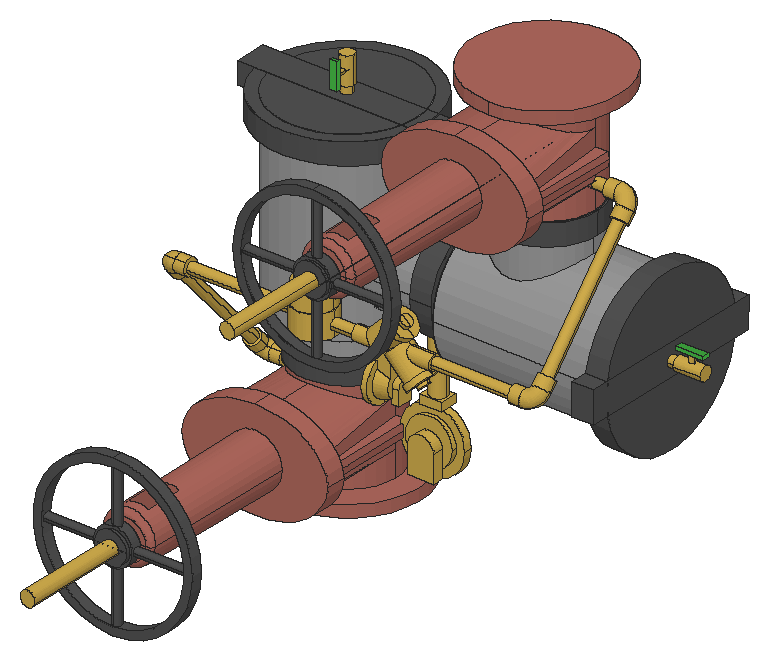
Revit family "Backflow_Preventer-RP-Zurn_Wilkins_Model_475STDAV_Flanged (4-10_inch)", category Pipe Accessories, Revit 2022
Family settings
  Round Connector Dimension = Use Radius
  Part Type = Valve - Breaks Into
  OmniClass Number = 23.65.55.14.21
  OmniClass Title = Non-Return Valves for Liquid Services
  Work Plane-Based = No
  Always vertical = Yes
  Cut with Voids When Loaded = No
  Shared = No
Parameters (values of type "8-475STDAV (8" 475STDAV)")
  Width = 1' - 0"
  URL = "www.zurn.com"
  Symbol = Symbolic diagram 475DAOSY_F : 8"
  Repair Parts URL = "https://files.zurn.com/repair-parts/475stda_475stdav_new_file.pdf"
  Relief valve = Zurn_Wilkins-Model-3707-CU-XL : 8"
  Rated Flow = 1600 GPM
  Product data URL = "https://www.bimobject.com/en/wilkins/product/zurn-475stdav"
  Product Weight (lbs) = 594
  Product Page URL = "https://www.zurn.com/products/water-control/backflow-preventers/475stdav"
  Product Installation Sheet URL = "https://files.zurn.com/care-cleaning-install-warranty-sheets/is475st-8.pdf"
  Product Documentation Link = "https://files.zurn.com/spec-sheets/bf-475stda.pdf"
  Pressure Loss at Rated Flow = 13.70 psi
  Nominal Radius = Nominal Diameter / 2  # 0' - 4"
  Nominal Diameter = 0' - 8"
  Modified Data = "12/10/2025"  # constant formula
  Model = "475STDAV"  # constant formula
  Max Working Water Temperature = 140 °F
  Max Working Water Pressure = 175.00 psi
  Manufacturer Brand = "Zurn Wilkins"  # constant formula
  Manufacturer = "Zurn Water, LLC"  # constant formula
  Main Valve = Zurn_Wilkins_Model_450ST-(4_Inch) : 8"
  Main Material = Paint - Zurn - Stainless steel
  Length = 2' - 0"
  Inlet to relief valve center = 0' - 8 15/32"
  Hydrostatic test pressure = 350.00 psi
  Height = 1' - 0"
  Gate Valve = Gate Valve_475_OSY : 8"
  Flow Rate (GPM) = 0 GPM
  Fitting Length = 2' - 6"
  Fitting Height = 1' - 4 1/2"
  Fitting Bottom end = 2' - 0"
  Description = "Reduced Pressure Detector Assembly"  # constant formula
  DIM E - Valve top to bottom of relief valve = 2' - 10 7/8"
  DIM D - Valve center to side coupling end = 1' - 0 7/8"
  DIM C - Valve center to gate stem top = 3' - 1"
  DIM B - Overall height of the valve = 3' - 4 1/4"
  Default Elevation = 0' - 0"
  Date Created = "12/10/2025"  # constant formula
  DIM A - Inlet center to outlet center = 1' - 6 1/2"
  DA MR Length = Fitting Length + 0' 5 1/2"  # 2' - 11 1/2"
  DA MR Height = 1' - 2"
  DA Length = 1' - 0"
  Center to top of ball on top = 1' - 3"
  Center to main valve center = 0' - 1 9/16"
  Center to end for fixing gate valve = 0' - 0"
  Center to bottom coupling = 0' - 9"
  Bottom Coupling to gate end = 0' - 10.85"
  Assembly Code = "D2020300"
Reference planes (in)
  plane 1 "Center (Front/Back)": y = 0
  plane 2: z = 0
  plane 3 "Center (Left/Right)": x = 0
  plane 4 "Left Side Plane": x = -12
  plane 5 "Right side Plane": x = 12
  plane 6 "Back Plane": y = 6
  plane 7 "Front Plane": y = -6
  plane 8 "Top Plane": z = 6
  plane 9 "Bottom Plane": z = -6
  plane 10: x = -9.25
  plane 11: x = 9.25
  plane 12: z = 15
  plane 13: z = -19.85
  plane 14: x = -0.78125
  plane 15: z = -15
  plane 16: y = 8.96875
  plane 17: y = -37
  plane 18: z = -9
  plane 19: y = -12.875
  plane 20: z = 20.4
  plane 21 "Body Base": z = -5.20312
  plane 22: z = 15.025
Dimensions and locks (in)
  equal spacing: plane 5 "Right side Plane", plane 3 "Center (Left/Right)", plane 4 "Left Side Plane"
  "Length": plane 5 "Right side Plane" to plane 4 "Left Side Plane"
  equal spacing: plane 8 "Top Plane", plane 2, plane 9 "Bottom Plane"
  "Height": plane 8 "Top Plane" to plane 9 "Bottom Plane"
  equal spacing: plane 7 "Front Plane", plane 1 "Center (Front/Back)", plane 6 "Back Plane"
  "Width": plane 7 "Front Plane" to plane 6 "Back Plane"
  equal spacing: plane 11, plane 3 "Center (Left/Right)", plane 10
  "DIM A - Inlet center to outlet center": plane 11 to plane 10
  "DIM C - Valve center to gate stem top": plane 17 to plane 1 "Center (Front/Back)"
  "Inlet to relief valve center": plane 10 to plane 14
  "Center to bottom coupling": plane 2 to plane 18
  "Center to top of ball on top": plane 12 to plane 2
  "DIM D - Valve center to side coupling end": plane 1 "Center (Front/Back)" to plane 19
  "DIM B - Overall height of the valve": plane 20 to plane 13
  "Bottom Coupling to gate end": plane 18 to plane 13
  "DIM E - Valve top to bottom of relief valve": plane 22 to plane 13
  aligned and locked: plane 2 to level
  aligned and locked: nested 1 to plane 10
  aligned and locked: nested 1 to plane 1 "Center (Front/Back)"
  aligned and locked: plane 14 to nested 2
  aligned and locked: nested 2 to plane 2
  aligned and locked: plane 1 "Center (Front/Back)" to nested 2
  aligned and locked: nested 3 to plane 1 "Center (Front/Back)"
  aligned and locked: nested 3 to plane 10
  aligned and locked: plane 3 "Center (Left/Right)" to nested 5
  aligned and locked: nested 5 to level
  aligned and locked: plane 19 to nested 5
  aligned and locked: plane 2 to nested 6
  aligned and locked: plane 3 "Center (Left/Right)" to nested 6
  aligned and locked: plane 1 "Center (Front/Back)" to nested 6
  aligned and locked: nested 4 to plane 11
  aligned and locked: plane 13 to nested 3
  aligned and locked: plane 20 to nested 4
  aligned and locked: plane 1 "Center (Front/Back)" to nested 4
  aligned and locked: plane 18 to nested 1
Nested families (in)
  nested 1: "Zurn_Wilkins_Model_450ST-(4_Inch)" at (-9.25, 0, -9), type <- "Main Valve", type "8"", detail levels fine
    with Product Install & Maintenance Sheet URL ""
  nested 2: "Zurn_Wilkins-Model-3707-CU-XL" at (0.23462, 8.2845, -13.875), type <- "Relief valve", type "8"", detail levels fine
  nested 3: "Gate Valve_475_OSY" at (-9.25, 0, -14.1) x (0, 0, 1) z (0, -1, 0), type <- "Gate Valve", type "8""
    with Housing Top Radius 0' - 2 3/8", Housing Bottom Radius 0' - 2 1/2", Horizontal Flange Thickness 0' - 1 13/16", Horizontal Flange Height 0' - 10 11/16", Cover Diameter 0' - 6 1/4", Body Radius 0' - 4 1/2", Body Diameter 0' - 9"
  nested 4: "Gate Valve_475_OSY" at (9.25, 0, 14.65) x (0, 0, -1) z (0, -1, 0), type <- "Gate Valve", type "8""
    with Housing Top Radius 0' - 2 3/8", Housing Bottom Radius 0' - 2 1/2", Horizontal Flange Thickness 0' - 1 13/16", Horizontal Flange Height 0' - 10 11/16", Cover Diameter 0' - 6 1/4", Body Radius 0' - 4 1/2", Body Diameter 0' - 9"
  nested 5: "475STDAV Bypass" at (2.01587, -18.39999, 0), DA length <- "Fitting Length", Pipe Fitting Bottom Width <- "Fitting Bottom end", Pipe fitting Height <- "Fitting Height", MR Height <- "DA MR Height", MR Length <- "DA MR Length", type "DA Bypass"
    with Pipe fitting length 2' - 10", Pipe fitting Height 1' - 4 1/2", Pipe Fitting Bottom Width 2' - 0", MR Length 2' - 11 1/2", MR Height 1' - 2", DA length 2' - 6"
  nested 6: "Symbolic diagram 475DAOSY_F" at (0, 0, 0), type <- "Symbol", type "8""
    with Product Install & Maintenance Sheet URL ""
Connectors (in)
  piping at (-9.25, 0, -19.85), diameter 8, driven by "Nominal Radius"
    settings: on nested 3, index 1, connector inside diameter 24", connector length 0' - 0", flow factor 0, pipe flow 0 GPM, pressure drop 0.00 psi, fitting loss kfactor 0, connector angle 0.00°, fixture units 0, engagement length 0' - 0", angle of deflection 0.00°, flow configuration 0, flow direction 1, fitting loss method 0, system type 29, joint type 0, gender type 0, connector reference index 2, connector utility 0, adjustable connector no, is connector primary yes, connector description "Inlet"
  piping at (9.25, 0, 20.4), diameter 8, driven by "Nominal Radius"
    settings: on nested 4, index 2, connector inside diameter 24", connector length 0' - 0", flow factor 0, pipe flow 0 GPM, pressure drop 0.00 psi, fitting loss kfactor 0, connector angle 0.00°, fixture units 0, engagement length 0' - 0", angle of deflection 0.00°, flow configuration 0, flow direction 2, fitting loss method 0, system type 29, joint type 0, gender type 0, connector reference index 1, connector utility 0, adjustable connector no, is connector primary no, connector description "Outlet"
Definition of nested family "Zurn_Wilkins_Model_450ST-(4_Inch)"
  Parameters (values of type "8"")
    zero = 0' - 0"
    bottom of blend length = 0' - 0 183/256"
    Width = 1' - 0"
    Weight = ""
    URL = "http://www.zurn.com/"
    Top of Ball Valve Center = 2' - 1 13/32"
    Standards Compliance = ""
    Specification Sheet URL = ""
    Side Body Length = 1' - 0"
    Side Body Height = 0' - 10"
    Side Body Diameter = 0' - 8 5/8"
    Right Side of Body Length = 1' - 3"
    Repair Parts URL = ""
    Rated Flow = 0 GPM
    Product Page URL = ""
    Product Install & Maintenance Sheet URL [instance] = ""
    Pressure Loss at Rated Flow = 0.00 psi
    Overall length = 1' - 8 1/2"
    Nominal Radius = 0' - 4"
    Nipple dia. = 0' - 1"
    Nipple Length = 0' - 0 23/32"
    Model = "450ST body"
    Max Working Water Temperature = 0 °F
    Max Working Water Pressure = 0.00 psi
    Manufacturer = "Zurn Wilkins"
    Loss Method = (empty or 0)
    Lg coupling width = 0' - 1 1/2"
    Lg coupling thickness = 0' - 2 29/32"
    Lg Coupling dia = Lg Coupling Radius * 2  # 1' - 3"
    Lg Coupling Radius = 0' - 7 1/2"
    Main Body Height = 1' - 8 13/16"
    Main Body Diameter = 1' - 0 3/4"
    Main Body Coupling Height = 0' - 2"
    Length = 2' - 0"
    Hydrostatic Test Pressure = 0.00 psi
    Height to Inlet = 0' - 9"
    Height = 1' - 0"
    Green Handle = 0' - 0.31842"
    Flow = ""
    Dim. A = 1' - 6 1/2"
    Dim to coupling = 0' - 9 5/8"
    Dim D = 0' - 8 31/32"
    Description = "450ST Double Check Valve Body"
    Default Elevation = 0' - 0"
    Coupling Radius = 0' - 4 25/32"
    Coupling Height = 0' - 2"
    Green Handle Width = 0' - 0.63283"
    Bottom coupling thickness = 0' - 2"
    Blend Width = 0' - 0 225/256"
    Ball Valve Length = 0' - 2 1/2"
    Ball Valve Handle Width = 0' - 6 1/2"
    Ball Valve Handle Height = 0' - 1 1/4"
    Ball Valve Handle Dia. = 0' - 0 1/2"
    Ball Valve Dia. = 0' - 1 1/4"
    4" Coupling dia = 0' - 9 1/2"
  Types (4): name | bottom of blend length | Side Body Length | Side Body Height | Side Body Diameter | Right Side of Body Length | Nominal Radius | Nipple Length | Lg coupling thickness | Lg Coupling dia | Lg Coupling Radius | Main Body Height | Main Body Diameter | Main Body Coupling Height | Height to Inlet | Dim. A | Dim to coupling | Dim D | Coupling Radius | Coupling Height | Bottom coupling thickness | Blend Width | Ball Valve Handle Width | 4" Coupling dia
    4 inch | 0' - 0 1/2" | 0' - 10" | 0' - 6" | 0' - 4 1/2" | 0' - 7 9/16" | 0' - 3 5/16" | 0' - 0 1/8" | 0' - 1 31/32" | 0' - 7 9/32" | 0' - 3 41/64" | 0' - 10 5/8" | 0' - 6 5/8" | 0' - 1 15/16" | 0' - 6" | 1' - 2" | 0' - 7 3/8" | 0' - 4 31/32" | 0' - 2 13/16" | 0' - 1 1/2" | 0' - 1 1/4" | 0' - 0 1/2" | 0' - 0 5/32" | 0' - 5 1/2"
    6" | 0' - 0 183/256" | 0' - 10" | 0' - 7 9/16" | 0' - 6 5/8" | 0' - 11 9/16" | 0' - 3" | 0' - 0 1/4" | 0' - 2 1/32" | 0' - 10 5/16" | 0' - 5 5/32" | 1' - 2 5/8" | 0' - 8 5/8" | 0' - 2" | 0' - 7 3/4" | 1' - 4" | 0' - 7 13/16" | 0' - 6 5/16" | 0' - 4 1/64" | 0' - 2" | 0' - 1 9/32" | 0' - 0 225/256" | 0' - 0 5/32" | 0' - 7 1/2"
    8" | 0' - 0 183/256" | 1' - 0" | 0' - 10" | 0' - 8 5/8" | 1' - 3" | 0' - 4" | 0' - 0 23/32" | 0' - 2 29/32" | 1' - 3" | 0' - 7 1/2" | 1' - 8 13/16" | 1' - 0 3/4" | 0' - 2" | 0' - 9" | 1' - 6 1/2" | 0' - 9 5/8" | 0' - 8 31/32" | 0' - 4 25/32" | 0' - 2" | 0' - 2" | 0' - 0 225/256" | 0' - 6 1/2" | 0' - 9 1/2"
    10" | 0' - 0 183/256" | 1' - 2" | 0' - 10" | 0' - 10 3/4" | 1' - 2" | 0' - 4 7/32" | 0' - 0 23/32" | 0' - 2 29/32" | 1' - 3" | 0' - 7 1/2" | 1' - 10 17/32" | 1' - 0 3/4" | 0' - 2 1/2" | 0' - 10" | 1' - 9" | 0' - 11 3/4" | 0' - 8 31/32" | 0' - 6 1/2" | 0' - 2" | 0' - 2" | 0' - 0 225/256" | 0' - 6 1/2" | 1' - 0 1/2"
  Reference planes (in)
    plane 1 "Center (Front/Back)": y = 0
    plane 2 "base": z = 0
    plane 3 "Center (Left/Right)": x = 0
    plane 4 "Left Side Plane": x = -12
    plane 5 "Right side Plane": x = 12
    plane 6 "Back Plane": y = 6
    plane 7 "Front Plane": y = -6
    plane 8: z = 6
    plane 9 "Bottom Plane": z = -6
    plane 10: x = 12
    plane 11: x = 13
    plane 12 "Dim A": x = 18.5
    plane 13 "Center of Side Body": z = 9
    plane 14: x = 28
    plane 15: z = 2
    plane 16: z = 18.8125
    plane 17: x = 30
    plane 18: x = 9.625
    plane 19: x = 11.625
    plane 20: z = 20.8125
    plane 21: z = 21.53125
    plane 22: x = 33.21875
    plane 23: y = 0
    plane 24: x = 33.90625
    plane 25: y = 0.31642
    plane 26: y = -0.31642
    plane 27: z = 10.25
    plane 28: z = 24.03125
    plane 29: z = 22.78125
    plane 30: x = 31.94908
    plane 31: y = -1.25
    plane 32: x = 0
    plane 33: z = 15.5
    plane 34: x = -0.31642
    plane 35: x = 0.31642
    plane 36: x = 30.71875
    plane 37: z = 10.56842
    plane 38: y = -1.56842
    plane 39: z = 2.71484
    plane 40: z = 3.59375
    plane 41: z = 0.96223
    plane 42: z = -1.03777
    plane 43: y = 4.3125
    plane 44: y = -4.3125
    plane 45: y = 4.78125
    plane 46: y = -4.78125
    plane 47: y = 6.375
    plane 48: y = -6.375
    plane 49: y = 4
    plane 50: y = -4
    plane 51: y = 0.625
    plane 52: y = -0.625
    plane 53: z = 1
    plane 54 "bottom": z = -1
    plane 55: y = 8.96875
    plane 56: y = -8.96875
    plane 57: z = 6.78215
    plane 58: z = 10.45312
    plane 59: z = 7.54687
    plane 60: y = 1.45312
    plane 61: y = -1.45313
    plane 62: x = -8.96875
    plane 63: x = 8.96875
    plane 64: y = 1.45312
    plane 65: y = -1.45313
    plane 66: x = -8.96875
    plane 67 "wewdwewe": z = 0
    plane 68: z = 18
    plane 69: z = 19
    plane 70: z = 17
  Forms (in)
    Extrusion 1, solid, detail levels fine
      sketch origin (0, 0, 0) x (1, 0, 0) y (0, 1, 0)
        loop
          circle (0, 0) r 4.3125
      from 0 to 9
    Extrusion 2, solid, detail levels fine
      sketch origin (0, 0, 0) x (1, 0, 0) y (0, 1, 0)
        loop
          circle (0, 0) r 6.375
      from 3.59375 to 20.8125
    Blend 3, solid, detail levels fine
      base sketch origin (0, 0, 0) x (1, 0, 0) y (0, 1, 0)
        loop
          circle (0, 0) r 4.3125
      top sketch origin (0, 0, 0) x (1, 0, 0) y (0, 1, 0)
        loop
          circle (0, 0) r 6.375
      from 2.71484 to 3.59375
    Extrusion 4, solid, detail levels fine
      sketch origin (0, 0, 0) x (1, 0, 0) y (0, 1, 0)
        loop
          circle (0, 0) r 7.5
      from 18.8125 to 20.8125
    Extrusion 5, solid, detail levels fine
      sketch origin (0, 0, 0) x (0, 1, 0) y (0, 0, 1)
        loop
          circle (0, 9) r 4.3125
      from 0 to 12
    Blend 6, solid, detail levels fine
      base sketch origin (0, 0, 0) x (0, 1, 0) y (0, 0, 1)
        loop
          circle (0, 9) r 4.3125
      top sketch origin (0, 0, 0) x (0, 1, 0) y (0, 0, 1)
        loop
          circle (0, 9) r 6.375
      from 12 to 13
    Extrusion 7, solid, detail levels fine
      sketch origin (0, 0, 0) x (1, 0, 0) y (0, 1, 0)
        loop
          circle (18.5, 0) r 4.3125
      from 18 to 9
    Extrusion 8, solid, detail levels fine
      sketch origin (0, 0, 0) x (0, 1, 0) y (0, 0, 1)
        loop
          circle (0, 9) r 6.375
      from 13 to 28
    Extrusion 9, solid, detail levels fine
      sketch origin (0, 0, 0) x (0, 1, 0) y (0, 0, 1)
        loop
          circle (0, 9) r 7.5
      from 30 to 28
    Extrusion 10, solid, detail levels fine
      sketch origin (0, 0, 0) x (0, 1, 0) y (0, 0, 1)
        loop
          circle (0, 9) r 4.78125
      from 9.625 to 11.625
    Extrusion 11, solid, detail levels fine
      sketch origin (0, 0, 0) x (1, 0, 0) y (0, 1, 0)
        loop
          circle (0, 0) r 0.5
      from 20.8125 to 21.53125
    Extrusion 12, solid, detail levels fine
      sketch origin (0, 0, 0) x (0, 1, 0) y (0, 0, 1)
        loop
          circle (0, 9) r 0.5
      from 30 to 30.71875
    Extrusion 13, solid, detail levels fine
      sketch origin (0, 0, 0) x (0, 1, 0) y (0, 0, 1)
        loop
          circle (0, 9) r 0.625
      from 30.71875 to 33.21875
    Extrusion 14, solid, detail levels fine
      sketch origin (10.98033, 0, 0) x (1, 0, 0) y (0, 1, 0)
        loop
          circle (20.96875, 0) r 0.25
      from 9 to 10.25
    Extrusion 15, solid, detail levels fine
      sketch origin (8.5, 0, 0) x (1, 0, 0) y (0, 1, 0)
        loop
          line (22.21875, 0.31642) -> (22.21875, -0.31642) -> (24.71875, -0.31642) -> (24.71875, 0.31642) -> (22.21875, 0.31642)
      from 10.25 to 10.56842
    Extrusion 16, solid, detail levels fine
      sketch origin (0, 0, 0) x (1, 0, 0) y (0, 1, 0)
        loop
          circle (0, 0) r 0.625
      from 21.53125 to 24.03125
    Extrusion 17, solid, detail levels fine
      sketch origin (0, 0, 0) x (1, 0, 0) y (0, 0, 1)
        loop
          circle (0, 22.78125) r 0.25
      from 0 to 1.25
    Extrusion 18, solid, detail levels fine
      sketch origin (0, 0, 0) x (1, 0, 0) y (0, 0, 1)
        loop
          line (-0.31642, 24.03125) -> (-0.31642, 21.53125) -> (0.31642, 21.53125) -> (0.31642, 24.03125) -> (-0.31642, 24.03125)
      from 1.25 to 1.56842
    Extrusion 19, solid, detail levels fine
      sketch origin (0, 0, 0) x (1, 0, 0) y (0, 1, 0)
        loop
          circle (0, 0) r 4.75
      from -1 to 1
    Extrusion 20, solid, detail levels fine
      sketch origin (0, 0, 0) x (0, 1, 0) y (0, 0, 1)
        loop
          line (-8.96875, 10.45312) -> (-8.96875, 7.54687) -> (8.96875, 7.54687) -> (8.96875, 10.45312) -> (-8.96875, 10.45312)
      from 30 to 28
    Extrusion 21, solid, detail levels fine
      sketch origin (0, 0, 0) x (1, 0, 0) y (0, 1, 0)
        loop
          line (-8.96875, 1.45312) -> (-8.96875, -1.45313) -> (8.96875, -1.45313) -> (8.96875, 1.45312) -> (-8.96875, 1.45312)
      from 18.8125 to 20.8125
    Extrusion 22, solid, detail levels fine
      sketch origin (0, 0, 0) x (1, 0, 0) y (0, 1, 0)
        loop
          circle (18.5, 0) r 4.75
      from 17 to 19
  Cuts and joins
    joined: Extrusion 19, Extrusion 22
  Lines and regions (in)
    Masking region 1, detail levels fine
      outline origin (0, 0, 0) x (1, 0, 0) y (0, 1, 0)
        loop
          arc (6.13615, 4.3125) -> (-1.55472, 7.33709) -> (-7.35788, 1.45312) r 7.5
          line (-7.35788, 1.45312) -> (-8.96875, 1.45312) -> (-8.96875, -1.45313) -> (-7.35788, -1.45313)
          arc (-7.35788, -1.45313) -> (-1.55472, -7.33709) -> (6.13615, -4.3125) r 7.5
          line (6.13615, -4.3125) -> (9.625, -4.3125) -> (9.625, -4.78125) -> (11.625, -4.78125) -> (11.625, -4.3125) -> (12, -4.3125) -> (13, -6.375) -> (28, -6.375) -> (28, -8.96875) -> (30, -8.96875) -> (30, -0.625) -> (33.21875, -0.625) -> (33.21875, 0.625) -> (30, 0.625) -> (30, 8.96875) -> (28, 8.96875) -> (28, 6.375) -> (13, 6.375) -> (12, 4.3125) -> (11.625, 4.3125) -> (11.625, 4.78125) -> (9.625, 4.78125) -> (9.625, 4.3125) -> (6.13615, 4.3125)
  Dimensions and locks (in)
    equal spacing: plane 5 "Right side Plane", plane 3 "Center (Left/Right)", plane 4 "Left Side Plane"
    "Length": plane 5 "Right side Plane" to plane 4 "Left Side Plane"
    equal spacing: plane 8, plane 2 "base", plane 9 "Bottom Plane"
    "Height": plane 8 to plane 9 "Bottom Plane"
    equal spacing: plane 7 "Front Plane", plane 1 "Center (Front/Back)", plane 6 "Back Plane"
    "Width": plane 7 "Front Plane" to plane 6 "Back Plane"
    "Side Body Length": plane 3 "Center (Left/Right)" to plane 10
    locked: plane 10 to plane 11 at 1
    "Dim. A": plane 3 "Center (Left/Right)" to plane 12 "Dim A"
    locked: Extrusion 7 sketch curve to plane 12 "Dim A"
    locked: Extrusion 7 sketch curve to plane 1 "Center (Front/Back)"
    "Height to Inlet": plane 13 "Center of Side Body" to plane 2 "base"
    "Right Side of Body Length": plane 14 to plane 11
    "Coupling Height": plane 15 to plane 2 "base"
    "Main Body Coupling Height": plane 17 to plane 14
    "Dim to coupling": plane 18 to plane 3 "Center (Left/Right)"
    "Coupling Height": plane 19 to plane 18
    "Main Body Height": plane 20 to plane 2 "base"
    "Main Body Coupling Height": plane 20 to plane 16
    "Nipple Length": plane 21 to plane 20
    Extrusion 12 sketch curve to plane 1 "Center (Front/Back)" = 0' - 0"
    "Ball Valve Length": plane 28 to plane 21
    equal spacing: plane 28, plane 29, plane 21, locked at 1.25 each
    plane 30 to plane 22 = 0' - 1.26967"
    locked: plane 30 to Extrusion 14 sketch curve
    locked: Extrusion 14 sketch curve to plane 1 "Center (Front/Back)"
    locked: Extrusion 17 sketch curve to plane 3 "Center (Left/Right)"
    locked: Extrusion 17 sketch curve to plane 29
    "Green Handle Width": plane 25 to plane 26
    "Green Handle Width": plane 35 to plane 34
    equal spacing: plane 35, plane 32, plane 34, locked at 0.31642 each
    "Height to Inlet": Extrusion 12 sketch curve to plane 2 "base"
    "Nipple Length": plane 17 to plane 36
    "Ball Valve Length": plane 36 to plane 22
    "Ball Valve Handle Height": plane 27 to plane 13 "Center of Side Body"
    "Green Handle": plane 37 to plane 27
    "Ball Valve Handle Height": plane 31 to plane 1 "Center (Front/Back)"
    "Green Handle": plane 31 to plane 38
    plane 17 to plane 3 "Center (Left/Right)" = 2' - 6"
    "bottom of blend length": plane 39 to plane 15
    "Blend Width": plane 40 to plane 39
    "Coupling Height": plane 41 to plane 42
    equal spacing: plane 44, plane 1 "Center (Front/Back)", plane 43
    "Coupling Radius": plane 46 to plane 1 "Center (Front/Back)" to plane 45
    equal spacing: plane 47, plane 1 "Center (Front/Back)", plane 48
    plane 50 to plane 1 "Center (Front/Back)" to plane 49 = 0' - 4" locked, 0' - 4" locked
    plane 51 to plane 1 "Center (Front/Back)" to plane 52 = 0' - 0 5/8" locked, 0' - 0 5/8" locked
    equal spacing: plane 53, level, plane 54 "bottom"
    "Bottom coupling thickness": plane 53 to plane 54 "bottom"
    equal spacing: plane 56, plane 1 "Center (Front/Back)", plane 55
    "Dim D": plane 1 "Center (Front/Back)" to plane 55
    equal spacing: plane 62, plane 3 "Center (Left/Right)", plane 63
    "Dim D": plane 3 "Center (Left/Right)" to plane 63
    equal spacing: plane 65, plane 1 "Center (Front/Back)", plane 64
    "Dim D": plane 66 to plane 3 "Center (Left/Right)"
    "Side Body Diameter": plane 44 to plane 43
    "Main Body Diameter": plane 47 to plane 48
    "Lg coupling thickness": plane 65 to plane 64
    equal spacing: plane 58, plane 13 "Center of Side Body", plane 59
    "Lg coupling thickness": plane 59 to plane 58
    equal spacing: plane 61, plane 1 "Center (Front/Back)", plane 60
    "Lg coupling thickness": plane 61 to plane 60
    "Height to Inlet": plane 68 to plane 13 "Center of Side Body"
    locked: plane 69 to plane 68 at 1
    "Coupling Height": plane 69 to plane 70
    "Main Body Diameter": diameter of Blend 3 sketch curve
    "Main Body Diameter": diameter of Extrusion 2 sketch curve
    "Lg Coupling Radius": radius of Extrusion 4 sketch curve
    "Side Body Diameter": diameter of Extrusion 5 sketch curve
    "Side Body Diameter": diameter of Blend 6 sketch curve
    "Main Body Diameter": diameter of Blend 6 sketch curve
    "Main Body Diameter": diameter of Extrusion 8 sketch curve
    "Lg Coupling Radius": radius of Extrusion 9 sketch curve
    "Coupling Radius": radius of Extrusion 10 sketch curve
    "Nipple dia.": diameter of Extrusion 11 sketch curve
    "Nipple dia.": diameter of Extrusion 12 sketch curve
    "Ball Valve Dia.": diameter of Extrusion 13 sketch curve
    "Ball Valve Dia.": diameter of Extrusion 16 sketch curve
    "Ball Valve Handle Dia.": diameter of Extrusion 17 sketch curve
    "Ball Valve Handle Dia.": diameter of Extrusion 14 sketch curve
    "Side Body Diameter": diameter of Extrusion 7 sketch curve
    "Side Body Diameter": diameter of Extrusion 1 sketch curve
    "Side Body Diameter": diameter of Blend 3 sketch curve
    "4" Coupling dia": diameter of Extrusion 19 sketch curve
    "Lg Coupling dia": diameter of Masking region 1 sketch curve  (x2)
    "4" Coupling dia": diameter of Extrusion 22 sketch curve
    aligned and locked: plane 2 "base" to level
    aligned and locked: Blend 3 to Extrusion 2
    aligned and locked: Extrusion 4 to Extrusion 2
    aligned and locked: Extrusion 5 to plane 3 "Center (Left/Right)"
    aligned and locked: Extrusion 5 to plane 10
    aligned and locked: Blend 6 to plane 11
    aligned and locked: Blend 6 to Extrusion 5
    aligned and locked: plane 13 "Center of Side Body" to Extrusion 7
    aligned and locked: plane 11 to Extrusion 8
    aligned and locked: plane 14 to Extrusion 8
    aligned and locked: plane 14 to Extrusion 9
    aligned and locked: Extrusion 9 to plane 17
    aligned and locked: Extrusion 10 to plane 18
    aligned and locked: plane 19 to Extrusion 10
    aligned and locked: Extrusion 4 to plane 20
    aligned and locked: plane 20 to Extrusion 11
    aligned and locked: Extrusion 11 to plane 21
    aligned and locked: Extrusion 7 to Extrusion 14
    aligned and locked: Extrusion 15 sketch curve to plane 25
    aligned and locked: Extrusion 15 sketch curve to plane 26
    aligned and locked: plane 21 to Extrusion 16
    aligned and locked: Extrusion 16 to plane 28
    aligned and locked: plane 23 to plane 1 "Center (Front/Back)"
    aligned and locked: Extrusion 17 to plane 31
    aligned and locked: plane 28 to Extrusion 18 sketch curve
    aligned and locked: Extrusion 18 sketch curve to plane 21
    aligned and locked: plane 34 to Extrusion 18 sketch curve
    aligned and locked: Extrusion 18 sketch curve to plane 35
    aligned and locked: plane 32 to plane 3 "Center (Left/Right)"
    aligned and locked: plane 16 to Extrusion 4
    aligned and locked: Extrusion 12 to plane 17
    aligned and locked: Extrusion 12 to plane 36
    aligned and locked: plane 36 to Extrusion 13
    aligned and locked: plane 22 to Extrusion 13
    aligned and locked: plane 27 to Extrusion 14
    aligned and locked: plane 36 to Extrusion 15
    aligned and locked: plane 22 to Extrusion 15
    aligned and locked: Extrusion 15 to plane 27
    aligned and locked: plane 37 to Extrusion 15
    aligned and locked: plane 31 to Extrusion 18
    aligned and locked: plane 38 to Extrusion 18
    aligned and locked: plane 13 "Center of Side Body" to Extrusion 1
    aligned and locked: Blend 3 to plane 39
    aligned and locked: plane 40 to Extrusion 2
    aligned and locked: Extrusion 1 to plane 2 "base"
    aligned and locked: plane 3 "Center (Left/Right)" to Masking region 1 sketch curve  (x2)
    aligned and locked: plane 1 "Center (Front/Back)" to Masking region 1 sketch curve  (x2)
    aligned and locked: Masking region 1 sketch curve to plane 14
    aligned and locked: plane 14 to Masking region 1 sketch curve
    aligned and locked: Masking region 1 sketch curve to plane 17
    aligned and locked: plane 17 to Masking region 1 sketch curve
    aligned and locked: plane 19 to Masking region 1 sketch curve
    aligned and locked: Masking region 1 sketch curve to plane 18
    aligned and locked: plane 18 to Masking region 1 sketch curve
    aligned and locked: Masking region 1 sketch curve to plane 19
    aligned and locked: plane 10 to Masking region 1 sketch curve  (x2)
    aligned and locked: plane 11 to Masking region 1 sketch curve  (x2)
    aligned and locked: Masking region 1 sketch curve to plane 43  (x2)
    aligned and locked: plane 44 to Masking region 1 sketch curve  (x3)
    aligned and locked: Masking region 1 sketch curve to plane 45
    aligned and locked: plane 46 to Masking region 1 sketch curve
    aligned and locked: plane 47 to Masking region 1 sketch curve
    aligned and locked: Masking region 1 sketch curve to plane 48
    aligned and locked: plane 43 to Masking region 1 sketch curve
    aligned and locked: plane 22 to Masking region 1 sketch curve
    aligned and locked: Masking region 1 sketch curve to plane 51
    aligned and locked: Masking region 1 sketch curve to plane 52
    aligned and locked: plane 3 "Center (Left/Right)" to Extrusion 19 sketch curve
    aligned and locked: plane 1 "Center (Front/Back)" to Extrusion 19 sketch curve
    aligned and locked: Extrusion 19 to plane 54 "bottom"
    aligned and locked: plane 53 to Extrusion 19
    aligned and locked: plane 58 to Extrusion 20 sketch curve
    aligned and locked: plane 59 to Extrusion 20 sketch curve
    aligned and locked: Extrusion 20 sketch curve to plane 55
    aligned and locked: Extrusion 20 sketch curve to plane 56
    aligned and locked: Extrusion 9 to Extrusion 20
    aligned and locked: Extrusion 20 to plane 14
    aligned and locked: plane 55 to Masking region 1 sketch curve
    aligned and locked: Masking region 1 sketch curve to plane 56
    aligned and locked: Extrusion 21 sketch curve to plane 61
    aligned and locked: plane 60 to Extrusion 21 sketch curve
    aligned and locked: plane 62 to Extrusion 21 sketch curve
    aligned and locked: plane 63 to Extrusion 21 sketch curve
    aligned and locked: Extrusion 21 to Extrusion 4
    aligned and locked: Extrusion 21 to Extrusion 2
    aligned and locked: Masking region 1 sketch curve to plane 64
    aligned and locked: Masking region 1 sketch curve to plane 66
    aligned and locked: Masking region 1 sketch curve to plane 65
    aligned and locked: plane 65 to Masking region 1 sketch curve
    aligned and locked: plane 1 "Center (Front/Back)" to Extrusion 8 sketch curve
    aligned and locked: plane 13 "Center of Side Body" to Extrusion 8 sketch curve
    aligned and locked: plane 1 "Center (Front/Back)" to Extrusion 5 sketch curve
    aligned and locked: plane 13 "Center of Side Body" to Extrusion 5 sketch curve
    aligned and locked: plane 1 "Center (Front/Back)" to Extrusion 10 sketch curve
    aligned and locked: plane 13 "Center of Side Body" to Extrusion 10 sketch curve
    aligned and locked: plane 1 "Center (Front/Back)" to Blend 6 sketch curve  (x2)
    aligned and locked: plane 13 "Center of Side Body" to Blend 6 sketch curve  (x2)
    aligned and locked: plane 1 "Center (Front/Back)" to Extrusion 9 sketch curve
    aligned and locked: plane 13 "Center of Side Body" to Extrusion 9 sketch curve
    aligned and locked: plane 1 "Center (Front/Back)" to Extrusion 2 sketch curve
    aligned and locked: plane 3 "Center (Left/Right)" to Extrusion 2 sketch curve
    aligned and locked: plane 3 "Center (Left/Right)" to Blend 3 sketch curve  (x2)
    aligned and locked: plane 1 "Center (Front/Back)" to Blend 3 sketch curve  (x2)
    aligned and locked: plane 3 "Center (Left/Right)" to Extrusion 1 sketch curve
    aligned and locked: plane 1 "Center (Front/Back)" to Extrusion 1 sketch curve
    aligned and locked: plane 3 "Center (Left/Right)" to Extrusion 4 sketch curve
    aligned and locked: plane 1 "Center (Front/Back)" to Extrusion 4 sketch curve
    aligned and locked: plane 1 "Center (Front/Back)" to Extrusion 11 sketch curve
    aligned and locked: plane 3 "Center (Left/Right)" to Extrusion 11 sketch curve
    aligned and locked: plane 3 "Center (Left/Right)" to Extrusion 16 sketch curve
    aligned and locked: plane 1 "Center (Front/Back)" to Extrusion 16 sketch curve
    aligned and locked: level to plane 67 "wewdwewe"
    aligned and locked: plane 1 "Center (Front/Back)" to Extrusion 13 sketch curve
    aligned and locked: plane 13 "Center of Side Body" to Extrusion 13 sketch curve
    aligned and locked: plane 68 to Extrusion 7
    aligned and locked: plane 12 "Dim A" to Extrusion 22 sketch curve
    aligned and locked: plane 1 "Center (Front/Back)" to Extrusion 22 sketch curve
    aligned and locked: plane 69 to cut or joined group of Extrusion 19, Extrusion 22
    aligned and locked: plane 70 to cut or joined group of Extrusion 19, Extrusion 22
  Automatic sketch dimensions
    Extrusion 15 sketch curve to plane 36 = 0' - 0"
    plane 22 to Extrusion 15 sketch curve = 0' - 0"
Definition of nested family "Zurn_Wilkins-Model-3707-CU-XL"
  Parameters (values of type "8"")
    Valve position = 1' - 6 5/16"
    Weight = "5 lbs."
    Valve center to relief valve bottom = 1' - 4 7/8"
    Test Cock Position = 0' - 6 1/4"
    Pipe Sweep Length = 1' - 2 11/32"
    Top Pipe Position = 0' - 11 31/32"
    Pipe2 Position = 0' - 10 7/8"
    Pipe1 Position = 0' - 5 15/32"
    Model = "3707-CU-XL"
    Loss Method = (empty or 0)
    Left Pipe Length = 0' - 6"
    Flange Thickness = 0' - 1 1/4"
    Flange Radius = Pipe Size + 0' 1"  # 0' - 3"
    Right Flange Radius = 0' - 4 1/32"
    Right Flange Positon = 0' - 6 3/32"
    Right Body Position = 0' - 4 1/2"
    Description = "Relief Valve"
    Default Elevation = 0' - 0"
    Center Plane Left = 0' - 8 31/32"
    Center Plan Right = 0' - 8 15/16"
    Valve connection Position = 0' - 1"
    Right Body Radius = 0' - 4 1/4"
    Assembly Code = ""
    Pipe Size = 0' - 2"
    Larger Radius = Body Radius * 1.6  # 0' - 2.4"
    Body Radius = (Pipe Size / 2) + 0' 0 1/2"  # 0' - 1 1/2"
    Right Body Length = 1' - 1 77/256"
  Types (4): name | Valve center to relief valve bottom
    10 | 1' - 5"
    8" | 1' - 4 7/8"
    6" | 1' - 0 9/16"
    4" | 0' - 11 1/8"
  Reference planes (in)
    plane 1 "Center (Front/Back)": y = -8.2845
    plane 2: z = 0
    plane 3: y = -5.8845
    plane 4: y = -10.6845
    plane 5: x = 8.14038
    plane 6: x = -10.17212
    plane 7: x = -1.01587
    plane 8 "Back Plane": y = 0.59737
    plane 9: through (6.67018, -180, 20.32559) normal (0.7071, 0, -0.7071)
    plane 10: through (17.19592, -180, 18.2118) normal (0.7071, 0, -0.7071)
    plane 11: through (3.83807, -180, 7.82979) normal (0.7071, 0, 0.7071)
    plane 12: through (-7.61286, -180, 6.59699) normal (0.7071, 0, 0.7071)
    plane 13: z = -1
    plane 14: y = -7.847
    plane 15: y = -6.67512
    plane 16: y = -8.98848
    plane 17: y = -9.37069
    plane 18: y = -10.35695
    plane 19: y = -7.47808
    plane 20: y = -9.20892
    plane 21: z = 3.53175
    plane 22: z = 13.875
    plane 23: z = -2.67624
    plane 24: z = -3
  Forms (in)
    Extrusion 1, solid, detail levels fine
      sketch origin (0.26238, -8.2845, -4.27255) x (1, 0, 0) y (0, 0, 1)
        loop
          line (-2.27826, 7.8043) -> (-2.27826, 7.0438) -> (-0.27826, 7.0438) -> (-0.27826, 7.8043) -> (-2.27826, 7.8043)
      from -0.80642 to 0.92443
    Extrusion 2, solid, detail levels fine
      sketch origin (-0.00029, -8.2845, -0.00089) x (1, 0, 0) y (0, 0, 1)
        loop
          arc (0.18655, -0.22415) -> (-1.01558, 0.97798) -> (-2.21771, -0.22415) r 1.20213
          line (-2.21771, -0.22415) -> (-2.21771, -2.67535) -> (0.18655, -2.67535) -> (0.18655, -0.22415)
      from 1.08619 to 2.07246
    Extrusion 3, solid, detail levels fine
      sketch origin (-0.00029, -8.2845, -0.00089) x (1, 0, 0) y (0, 0, 1)
        loop
          circle (-1.01558, 0.00089) r 3
      from 0 to 0.70398
    Extrusion 4, solid, detail levels fine
      sketch origin (-0.00029, -8.2845, -0.00089) x (1, 0, 0) y (0, 0, 1)
        loop
          circle (-1.01558, 0.00089) r 2.18
      from 0.70398 to 1.08619
    Extrusion 5, solid, detail levels fine
      sketch origin (0.347, 0.59737, 0.06309) x (-1, 0, 0) y (0, 0, 1)
        loop
          circle (1.36287, -0.06309) r 2.25
      from -8.88186 to -8.44436
    Extrusion 6, solid, detail levels fine
      sketch origin (0.347, 0.59737, 0.06309) x (-1, 0, 0) y (0, 0, 1)
        loop
          circle (1.36287, -0.06309) r 1.0625
      from -8.44436 to -7.27249
    Extrusion 7, solid, detail levels fine
      sketch origin (0, 0, 0) x (1, 0, 0) y (0, 1, 0)
        loop
          circle (-1.01587, -8.2845) r 0.75
      from 3.53175 to 13.875
  Dimensions and locks (in)
    "Larger Radius": plane 3 to plane 1 "Center (Front/Back)"
    "Larger Radius": plane 4 to plane 1 "Center (Front/Back)"
    equal spacing: plane 5, plane 7, plane 6
    "Valve position": plane 5 to plane 6
    "Center Plan Right": plane 10 to plane 9
    "Center Plane Left": plane 11 to plane 12
    "Valve connection Position": level to plane 13
    locked: plane 8 "Back Plane" to plane 1 "Center (Front/Back)" at 8.88186
    locked: Extrusion 1 sketch curve to Extrusion 1 sketch curve at 0.7605
    locked: Extrusion 2 sketch curve to Extrusion 2 sketch curve at 2.40425
    locked: Extrusion 1 to Extrusion 2 sketch curve at 5.44749
    locked: plane 7 to Extrusion 3 sketch curve at 0
    locked: plane 2 to Extrusion 3 sketch curve
    locked: plane 7 to Extrusion 4 sketch curve at 0
    locked: plane 2 to Extrusion 4 sketch curve
    locked: plane 7 to Extrusion 2 sketch curve
    plane 7 to Extrusion 1 sketch curve = 0' - 1"  (x2)
    locked: plane 7 to Extrusion 5 sketch curve at 0
    locked: Extrusion 5 sketch curve to plane 2
    locked: plane 14 to plane 1 "Center (Front/Back)" at 0.4375
    locked: Extrusion 6 sketch curve to plane 7 at 0
    locked: Extrusion 6 sketch curve to plane 2 at 0
    locked: plane 15 to plane 14 at 1.17188
    plane 1 "Center (Front/Back)" to plane 16 = 0' - 0.70398"
    locked: plane 16 to plane 17 at 0.38221
    locked: plane 17 to plane 18 at 0.98626
    locked: plane 19 to plane 20 at 1.73084
    locked: plane 2 to plane 21 at 3.53175
    locked: plane 2 to Extrusion 2 sketch curve at 0.22504
    locked: level to plane 23 at 2.67624
    locked: level to plane 24 at 3
    "Valve center to relief valve bottom": plane 22 to plane 24
    radius of Extrusion 4 sketch curve = 0' - 2.18"
    radius of Extrusion 2 sketch curve = 0' - 1.20213"
    radius of Extrusion 5 sketch curve = 0' - 2 1/4"
    radius of Extrusion 6 sketch curve = 0' - 1 1/16"
    diameter of Extrusion 7 sketch curve = 0' - 1 1/2"
    aligned and locked: Extrusion 4 to Extrusion 3
    aligned and locked: Extrusion 2 to Extrusion 4
    aligned and locked: plane 1 "Center (Front/Back)" to Extrusion 5
    aligned and locked: plane 14 to Extrusion 5
    aligned and locked: plane 14 to Extrusion 6
    aligned and locked: plane 15 to Extrusion 6
    aligned and locked: plane 16 to Extrusion 3
    aligned and locked: plane 17 to Extrusion 4
    aligned and locked: plane 18 to Extrusion 2
    aligned and locked: plane 19 to Extrusion 1
    aligned and locked: plane 20 to Extrusion 1
    aligned and locked: plane 21 to Extrusion 1
    aligned and locked: plane 7 to Extrusion 7 sketch curve
    aligned and locked: plane 1 "Center (Front/Back)" to Extrusion 7 sketch curve
    aligned and locked: Extrusion 7 to Extrusion 1
    aligned and locked: Extrusion 7 to plane 22
  Automatic sketch dimensions
    Extrusion 1 sketch curve to plane 21 = 0' - 0"
    radius of Extrusion 3 sketch curve = 0' - 3"
Definition of nested family "Gate Valve_475_OSY"
  Parameters (values of type "8"")
    URL = "http://www.zurn.com/operations/wilkins/pdfs/specsheets/GV-48WILKINS.pdf"
    Symbol Width = 0.5 * Body Length * tan(30.00°)  # 0' - 3.31976"
    Spoke Width = Hand Wheel Radius - 0' 0 3/4"  # 0' - 6 5/8"
    Screw dia = 0' - 0 11/16"
    Pipe Size = 0' - 8"
    Pipe Radius = 0' - 4"
    Open Height = 3' - 1"
    OSY = yes
    Model = "48"
    Masking Length = 1' - 8"
    Manufacturer = "Zurn Wilkins"
    Loss Method = (empty or 0)
    Housing Top Radius [instance] = Housing Bottom Radius - 0' 0 1/8"  # 0' - 2 3/8"
    Housing Bottom Radius [instance] = if(Hand Wheel Diameter > 0' 11", 0' 2 1/2", 0' 1 13/16")  # 0' - 2 1/2"
    Horizontal Flange Thickness [instance] = ((Flange Thickness * 0.75) * 2) + 0' 0 1/8"  # 0' - 1 13/16"
    Horizontal Flange Height [instance] = (Flange Diameter / 2) + ((Flange Thickness * 2) * 1.75)  # 0' - 10 11/16"
    Handle Height = 0' - 1.59777"
    Hand Wheel Height = Open Height / 2  # 1' - 6 1/2"
    Hand Wheel Radius = Hand Wheel Diameter / 2  # 0' - 7 3/8"
    Hand Wheel Diameter = 1' - 2 3/4"
    Flange Thickness = 0' - 1 1/8"
    Flange Radius = Flange Diameter / 2  # 0' - 6 3/4"
    Flange Diameter = 1' - 1 1/2"
    Description = "Gate Valve"
    Default Elevation = 0' - 0"
    Cover Diameter [instance] = (Flange Diameter / 2) - 0' 0 1/2"  # 0' - 6 1/4"
    Closed Height = 2' - 4 1/2"
    Body Radius [instance] = (Pipe Size / 2) + 0' 0 1/2"  # 0' - 4 1/2"
    Body Length = 0' - 11 1/2"
    Body Diameter [instance] = Body Radius * 2  # 0' - 9"
    Ball Valve Radius = 0' - 1"
    Ball Valve Length = 0' - 11"
    Assembly Code = "D2090800"
  Types (4): name | Symbol Width | Spoke Width | Pipe Size | Pipe Radius | Open Height | Masking Length | Housing Top Radius | Housing Bottom Radius | Horizontal Flange Thickness | Horizontal Flange Height | Hand Wheel Height | Hand Wheel Radius | Hand Wheel Diameter | Flange Thickness | Flange Radius | Flange Diameter | Cover Diameter | Closed Height | Body Radius | Body Length | Body Diameter | Ball Valve Length
    10" | 0' - 3.75278" | 0' - 7 7/16" | 0' - 10" | 0' - 5" | 3' - 9 5/8" | 1' - 8" | 0' - 2 3/8" | 0' - 2 1/2" | 0' - 1 29/32" | 1' - 0 5/32" | 1' - 10 13/16" | 0' - 8 3/16" | 1' - 4 3/8" | 0' - 1 3/16" | 0' - 8" | 1' - 4" | 0' - 7 1/2" | 2' - 10 3/4" | 0' - 5 1/2" | 1' - 1" | 0' - 11" | 1' - 0"
    8" | 0' - 3.31976" | 0' - 6 5/8" | 0' - 8" | 0' - 4" | 3' - 1" | 1' - 8" | 0' - 2 3/8" | 0' - 2 1/2" | 0' - 1 13/16" | 0' - 10 11/16" | 1' - 6 1/2" | 0' - 7 3/8" | 1' - 2 3/4" | 0' - 1 1/8" | 0' - 6 3/4" | 1' - 1 1/2" | 0' - 6 1/4" | 2' - 4 1/2" | 0' - 4 1/2" | 0' - 11 1/2" | 0' - 9" | 0' - 11"
    6" | 0' - 3.03109" | 0' - 5 1/2" | 0' - 6" | 0' - 3" | 2' - 6 1/2" | 1' - 0 1/2" | 0' - 2 3/8" | 0' - 2 1/2" | 0' - 1 5/8" | 0' - 9" | 1' - 3 1/4" | 0' - 6 1/4" | 1' - 0 1/2" | 0' - 1" | 0' - 5 1/2" | 0' - 11" | 0' - 5" | 2' - 0 1/4" | 0' - 3 1/2" | 0' - 10 1/2" | 0' - 7" | 0' - 10"
    4" | 0' - 2.59808" | 0' - 4 3/8" | 0' - 4" | 0' - 2" | 1' - 10 1/2" | 0' - 10 1/2" | 0' - 1 11/16" | 0' - 1 13/16" | 0' - 1 17/32" | 0' - 7 25/32" | 0' - 11 1/4" | 0' - 5 1/8" | 0' - 10 1/4" | 0' - 0 15/16" | 0' - 4 1/2" | 0' - 9" | 0' - 4" | 1' - 6 1/4" | 0' - 2 1/2" | 0' - 9" | 0' - 5" | 0' - 8"
  Reference planes (in)
    plane 1 "Center (Front/Back)": y = 0
    plane 2: z = 0
    plane 3 "Center (Left/Right)": x = 0
    plane 4 "Left": x = -5.75
    plane 5 "Right": x = 5.75
    plane 6: z = 37
    plane 7 "Flange Left": x = -4.625
    plane 8 "Flange Right": x = 4.625
    plane 9 "Horizontal Flange": z = 10.6875
    plane 10 "Tap Left": x = -3.375
    plane 11 "Tap Right": x = 3.375
    plane 12 "Horizontal Flange Bottom": z = 8.875
    plane 13: y = 6.75
    plane 14: y = -6.75
    plane 15: z = 13
    plane 16: y = 5.75
    plane 17: y = -5.75
    plane 18: x = -3.625
    plane 19: x = 3.625
    plane 20: y = 5.25
    plane 21: y = -5.25
    plane 22: x = -3.125
    plane 23: x = 3.125
    plane 24: y = 3.125
    plane 25: y = -3.125
    plane 26: y = 2.375
    plane 27: y = -2.375
    plane 28: y = 4.5
    plane 29: y = -4.5
    plane 30: z = 6.75
    plane 31: y = 4.75
    plane 32: y = -4.75
    plane 33: x = 6.875
    plane 34: x = -6.875
    plane 35: y = 3.31976
    plane 36: y = -3.31976
    plane 37: z = 26.625
    plane 38: z = 25.625
    plane 39: z = 24.25
    plane 40: z = 20.625
    plane 41: z = -1.875
    plane 42: y = -11
    plane 43: z = -1
    plane 44: y = 10
    plane 45: y = -10
  Forms (in)
    Extrusion 1, solid, detail levels fine
      sketch origin (0, 0, 0) x (0, 1, 0) y (0, 0, 1)
        loop
          circle (0, 0) r 4.5
      from -4.625 to 4.625
    Extrusion 2, solid, detail levels fine
      sketch origin (-4.625, 0, 0) x (0, 0, 1) y (0, -1, 0)
        loop
          circle (0, 0) r 6.75
      from 0 to -1.125
    Extrusion 3, solid, detail levels fine
      sketch origin (4.25, 0, 0) x (0, 0, 1) y (0, -1, 0)
        loop
          circle (0, 0) r 4.5
      from 0.375 to 1.5
    Extrusion 4, solid, detail levels fine
      sketch origin (0, 0, 10.6875) x (-1, 0, 0) y (0, -1, 0)
        loop
          spline (0, -6.75) -> (0.60368, -6.69225) -> (1.19704, -6.52) -> (1.76991, -6.23619) -> (2.3125, -5.84567) -> (2.81552, -5.35514) -> (3.27037, -4.77297) -> (3.66926, -4.10914) -> (4.00537, -3.375) -> (4.27294, -2.58311) -> (4.46741, -1.74703) -> (4.58543, -0.88105) -> (4.625, 0)
          spline (4.625, 0) -> (4.58543, 0.88105) -> (4.46741, 1.74703) -> (4.27294, 2.58311) -> (4.00537, 3.375) -> (3.66926, 4.10914) -> (3.27037, 4.77297) -> (2.81552, 5.35514) -> (2.3125, 5.84567) -> (1.76991, 6.23619) -> (1.19704, 6.52) -> (0.60368, 6.69225) -> (0, 6.75)
          spline (0, 6.75) -> (-0.60368, 6.69225) -> (-1.19704, 6.52) -> (-1.76991, 6.23619) -> (-2.3125, 5.84567) -> (-2.81552, 5.35514) -> (-3.27037, 4.77297) -> (-3.66926, 4.10914) -> (-4.00537, 3.375) -> (-4.27294, 2.58311) -> (-4.46741, 1.74703) -> (-4.58543, 0.88105) -> (-4.625, 0)
          spline (-4.625, 0) -> (-4.58543, -0.88105) -> (-4.46741, -1.74703) -> (-4.27294, -2.58311) -> (-4.00537, -3.375) -> (-3.66926, -4.10914) -> (-3.27037, -4.77297) -> (-2.81552, -5.35514) -> (-2.3125, -5.84567) -> (-1.76991, -6.23619) -> (-1.19704, -6.52) -> (-0.60368, -6.69225) -> (0, -6.75)
      from -1.8125 to 0
    Blend 5, solid, detail levels fine
      base sketch origin (0, 0, 0) x (1, 0, 0) y (0, 1, 0)
        loop
          line (0.625, 4.5) -> (0.625, 5.66601)
          spline (0.625, 5.66601) -> (0.57336, 5.67939) -> (0.52161, 5.69163) -> (0.46975, 5.7027) -> (0.4178, 5.71262) -> (0.36576, 5.72137) -> (0.31365, 5.72896) -> (0.26147, 5.73539) -> (0.20924, 5.74065) -> (0.15697, 5.74474) -> (0.10466, 5.74766) -> (0.05234, 5.74942) -> (0, 5.75)
          spline (0, 5.75) -> (-0.05234, 5.74942) -> (-0.10466, 5.74766) -> (-0.15697, 5.74474) -> (-0.20924, 5.74065) -> (-0.26147, 5.73539) -> (-0.31365, 5.72896) -> (-0.36576, 5.72137) -> (-0.4178, 5.71262) -> (-0.46975, 5.7027) -> (-0.52161, 5.69163) -> (-0.57336, 5.67939) -> (-0.625, 5.66601)
          line (-0.625, 5.66601) -> (-0.625, 4.5) -> (-2.25661, 4.5)
          spline (-2.25661, 4.5) -> (-2.46259, 4.21952) -> (-2.65475, 3.91537) -> (-2.83202, 3.58927) -> (-2.99342, 3.24304) -> (-3.13802, 2.87862) -> (-3.26503, 2.49806) -> (-3.37373, 2.10349) -> (-3.46351, 1.69713) -> (-3.53386, 1.28124) -> (-3.5844, 0.85818) -> (-3.61484, 0.43029) -> (-3.625, 0)
          spline (-3.625, 0) -> (-3.61484, -0.43029) -> (-3.5844, -0.85818) -> (-3.53386, -1.28124) -> (-3.46351, -1.69713) -> (-3.37373, -2.10349) -> (-3.26503, -2.49806) -> (-3.13802, -2.87862) -> (-2.99342, -3.24304) -> (-2.83202, -3.58927) -> (-2.65475, -3.91537) -> (-2.46259, -4.21952) -> (-2.25661, -4.5)
          line (-2.25661, -4.5) -> (-0.625, -4.5) -> (-0.625, -5.66601)
          spline (-0.625, -5.66601) -> (-0.57336, -5.67939) -> (-0.52161, -5.69163) -> (-0.46975, -5.7027) -> (-0.4178, -5.71262) -> (-0.36576, -5.72137) -> (-0.31365, -5.72896) -> (-0.26147, -5.73539) -> (-0.20924, -5.74065) -> (-0.15697, -5.74474) -> (-0.10466, -5.74766) -> (-0.05234, -5.74942) -> (0, -5.75)
          spline (0, -5.75) -> (0.05234, -5.74942) -> (0.10466, -5.74766) -> (0.15697, -5.74474) -> (0.20924, -5.74065) -> (0.26147, -5.73539) -> (0.31365, -5.72896) -> (0.36576, -5.72137) -> (0.4178, -5.71262) -> (0.46975, -5.7027) -> (0.52161, -5.69163) -> (0.57336, -5.67939) -> (0.625, -5.66601)
          line (0.625, -5.66601) -> (0.625, -4.5) -> (2.25661, -4.5)
          spline (2.25661, -4.5) -> (2.46259, -4.21952) -> (2.65475, -3.91537) -> (2.83202, -3.58927) -> (2.99342, -3.24304) -> (3.13802, -2.87862) -> (3.26503, -2.49806) -> (3.37373, -2.10349) -> (3.46351, -1.69713) -> (3.53386, -1.28124) -> (3.5844, -0.85818) -> (3.61484, -0.43029) -> (3.625, 0)
          spline (3.625, 0) -> (3.61484, 0.43029) -> (3.5844, 0.85818) -> (3.53386, 1.28124) -> (3.46351, 1.69713) -> (3.37373, 2.10349) -> (3.26503, 2.49806) -> (3.13802, 2.87862) -> (2.99342, 3.24304) -> (2.83202, 3.58927) -> (2.65475, 3.91537) -> (2.46259, 4.21952) -> (2.25661, 4.5)
          line (2.25661, 4.5) -> (0.625, 4.5)
      top sketch origin (0, 0, 0) x (1, 0, 0) y (0, 1, 0)
        loop
          line (0.625, 5.25) -> (0.625, 5.66601)
          spline (0.625, 5.66601) -> (0.57336, 5.67939) -> (0.52161, 5.69163) -> (0.46975, 5.7027) -> (0.4178, 5.71262) -> (0.36576, 5.72137) -> (0.31365, 5.72896) -> (0.26147, 5.73539) -> (0.20924, 5.74065) -> (0.15697, 5.74474) -> (0.10466, 5.74766) -> (0.05234, 5.74942) -> (0, 5.75)
          spline (0, 5.75) -> (-0.05234, 5.74942) -> (-0.10466, 5.74766) -> (-0.15697, 5.74474) -> (-0.20924, 5.74065) -> (-0.26147, 5.73539) -> (-0.31365, 5.72896) -> (-0.36576, 5.72137) -> (-0.4178, 5.71262) -> (-0.46975, 5.7027) -> (-0.52161, 5.69163) -> (-0.57336, 5.67939) -> (-0.625, 5.66601)
          line (-0.625, 5.66601) -> (-0.625, 5.25) -> (-1.4785, 5.25)
          spline (-1.4785, 5.25) -> (-1.7886, 5.00134) -> (-2.08226, 4.70673) -> (-2.3568, 4.36888) -> (-2.60967, 3.99089) -> (-2.83858, 3.57622) -> (-3.0414, 3.1287) -> (-3.21627, 2.65244) -> (-3.3616, 2.1518) -> (-3.47604, 1.63139) -> (-3.55854, 1.09599) -> (-3.60835, 0.55053) -> (-3.625, 0)
          spline (-3.625, 0) -> (-3.60835, -0.55053) -> (-3.55854, -1.09599) -> (-3.47604, -1.63139) -> (-3.3616, -2.1518) -> (-3.21627, -2.65244) -> (-3.0414, -3.1287) -> (-2.83858, -3.57622) -> (-2.60967, -3.99089) -> (-2.3568, -4.36888) -> (-2.08226, -4.70673) -> (-1.7886, -5.00134) -> (-1.4785, -5.25)
          line (-1.4785, -5.25) -> (-0.625, -5.25) -> (-0.625, -5.66601)
          spline (-0.625, -5.66601) -> (-0.57336, -5.67939) -> (-0.52161, -5.69163) -> (-0.46975, -5.7027) -> (-0.4178, -5.71262) -> (-0.36576, -5.72137) -> (-0.31365, -5.72896) -> (-0.26147, -5.73539) -> (-0.20924, -5.74065) -> (-0.15697, -5.74474) -> (-0.10466, -5.74766) -> (-0.05234, -5.74942) -> (0, -5.75)
          spline (0, -5.75) -> (0.05234, -5.74942) -> (0.10466, -5.74766) -> (0.15697, -5.74474) -> (0.20924, -5.74065) -> (0.26147, -5.73539) -> (0.31365, -5.72896) -> (0.36576, -5.72137) -> (0.4178, -5.71262) -> (0.46975, -5.7027) -> (0.52161, -5.69163) -> (0.57336, -5.67939) -> (0.625, -5.66601)
          line (0.625, -5.66601) -> (0.625, -5.25) -> (1.4785, -5.25)
          spline (1.4785, -5.25) -> (1.7886, -5.00134) -> (2.08226, -4.70673) -> (2.3568, -4.36888) -> (2.60967, -3.99089) -> (2.83858, -3.57622) -> (3.0414, -3.1287) -> (3.21627, -2.65244) -> (3.3616, -2.1518) -> (3.47604, -1.63139) -> (3.55854, -1.09599) -> (3.60835, -0.55053) -> (3.625, 0)
          spline (3.625, 0) -> (3.60835, 0.55053) -> (3.55854, 1.09599) -> (3.47604, 1.63139) -> (3.3616, 2.1518) -> (3.21627, 2.65244) -> (3.0414, 3.1287) -> (2.83858, 3.57622) -> (2.60967, 3.99089) -> (2.3568, 4.36888) -> (2.08226, 4.70673) -> (1.7886, 5.00134) -> (1.4785, 5.25)
          line (1.4785, 5.25) -> (0.625, 5.25)
      from 0 to 8.875
    Extrusion 6, solid, detail levels fine
      sketch origin (-0.03217, 0, 0) x (0.434027, 0.9009, 0) y (-0.9009, 0.434027, 0)
        loop
          circle (0.01396, -0.02898) r 0.6875
      from 0 to 37
    Revolve 7, solid, visible <- "OSY", detail levels fine
      sketch origin (-0.03217, 0, 0) x (0, 1, 0) y (0, 0, 1)
        loop
          line (0, 10.6875) -> (2.5, 10.6875) -> (2.375, 25.13597)
          arc (2.375, 25.13597) -> (2.22477, 25.48241) -> (1.87512, 25.625) r 0.5
          line (1.87512, 25.625) -> (0, 25.625) -> (0, 10.6875)
        axis (0, 10.6875) -> (0, 25.625)
      angle from 0 to 360
    Extrusion 8, void
      sketch origin (-0.03217, 0, 0) x (0, 1, 0) y (0, 0, 1)
        loop
          line (0.9996, 24.25) -> (-1.00282, 24.25) -> (-1.00282, 20.625) -> (0.9996, 20.625) -> (0.9996, 24.25)
      from -3 to 3
    Extrusion 9, solid, detail levels fine
      sketch origin (0, 0, 26.625) x (-1, 0, 0) y (0, -1, 0)
        loop
          circle (0, 0) r 1.5
      from -0.75 to 0.75
    Extrusion 10, solid, detail levels fine
      sketch origin (0, 0, 26.625) x (-1, 0, 0) y (0, -1, 0)
        loop
          circle (0, 0) r 7.375
        loop
          circle (0, 0) r 6.625
        loop
          circle (0, 0) r 1.75
      from -0.5 to 0.5
    Revolve 11, solid, detail levels fine
      sketch origin (0, 0, 0) x (1, 0, 0) y (0, 0, 1)
        loop
          line (-6.625, 27) -> (-6.625, 26.625) -> (6.625, 26.625) -> (6.625, 27) -> (-6.625, 27)
        axis (-6.625, 26.625) -> (6.625, 26.625)
      angle from 0 to 360
    Revolve 12, solid, detail levels fine
      sketch origin (0, 0, 0) x (0, 1, 0) y (0, 0, 1)
        loop
          line (6.625, 26.625) -> (6.625, 27) -> (-6.625, 27) -> (-6.625, 26.625) -> (6.625, 26.625)
        axis (6.625, 26.625) -> (-6.625, 26.625)
      angle from 0 to 360
  Cuts and joins
    Extrusion 8 cuts Revolve 7
  Lines and regions (in)
    Masking region 1, detail levels fine
      outline origin (0, 0, 0.84375) x (0, 1, 0) y (0, 0, 1)
        loop
          line (7.375, 26.87902) -> (0.6875, 26.87902) -> (0.6875, 36.15625) -> (-0.6875, 36.15625) -> (-0.6875, 26.87902) -> (-7.375, 26.87902) -> (-7.375, 25.28125) -> (-2.5, 25.28125) -> (-2.5, 9.84375) -> (-6.75, 9.84375) -> (-6.75, 8.03125) -> (-5.75, 8.03125) -> (-5.75, 2.69178)
          arc (-5.75, 2.69178) -> (0, -7.59375) -> (5.75, 2.69178) r 6.75
          line (5.75, 2.69178) -> (5.75, 8.03125) -> (6.75, 8.03125) -> (6.75, 9.84375) -> (2.5, 9.84375) -> (2.5, 25.28125) -> (7.375, 25.28125) -> (7.375, 26.87902)
    symbolic lines, detail levels fine
      curve 1: line (-5.75, 6.75, 8.875) -> (-4.625, 6.75, 8.875)
      curve 2: line (-5.75, -6.75, 8.875) -> (-5.75, 6.75, 8.875)
      curve 3: line (-4.625, -6.75, 8.875) -> (-5.75, -6.75, 8.875)
      curve 4: line (-4.625, 6.75, 8.875) -> (-4.625, -6.75, 8.875)
  Dimensions and locks (in)
    "Open Height": plane 6 to plane 2
    equal spacing: plane 5 "Right", plane 3 "Center (Left/Right)", plane 4 "Left"
    "Body Length": plane 5 "Right" to plane 4 "Left"
    "Flange Thickness": plane 7 "Flange Left" to plane 4 "Left"
    "Flange Thickness": plane 5 "Right" to plane 8 "Flange Right"
    locked: plane 10 "Tap Left" to plane 7 "Flange Left" at 1.25
    locked: plane 11 "Tap Right" to plane 8 "Flange Right" at 1.25
    "Horizontal Flange Height": plane 9 "Horizontal Flange" to plane 2
    "Horizontal Flange Thickness": plane 9 "Horizontal Flange" to plane 12 "Horizontal Flange Bottom"
    equal spacing: plane 13, plane 1 "Center (Front/Back)", plane 14
    "Flange Diameter": plane 13 to plane 14
    locked: plane 13 to plane 16 at 1
    locked: plane 17 to plane 14 at 1
    locked: plane 7 "Flange Left" to plane 18 at 1
    locked: plane 19 to plane 8 "Flange Right" at 1
    locked: plane 16 to plane 20 at 0.5
    locked: plane 21 to plane 17 at 0.5
    locked: plane 18 to plane 22 at 0.5
    locked: plane 23 to plane 19 at 0.5
    locked: plane 24 to plane 26 at 0.75
    locked: plane 27 to plane 25 at 0.75
    "Cover Diameter": plane 24 to plane 25
    equal spacing: plane 24, plane 1 "Center (Front/Back)", plane 25
    equal spacing: plane 28, plane 1 "Center (Front/Back)", plane 29
    "Body Diameter": plane 28 to plane 29
    "Flange Radius": plane 30 to plane 2
    locked: plane 31 to plane 28 at 0.25
    locked: plane 29 to plane 32 at 0.25
    "Flange Thickness": plane 33 to plane 5 "Right"
    "Flange Thickness": plane 4 "Left" to plane 34
    "Symbol Width": plane 1 "Center (Front/Back)" to plane 35
    "Symbol Width": plane 1 "Center (Front/Back)" to plane 36
    locked: plane 37 to plane 38 at 1
    locked: plane 38 to plane 39 at 1.375
    locked: plane 39 to plane 40 at 3.625
    Extrusion 8 sketch curve to plane 1 "Center (Front/Back)" to Extrusion 8 sketch curve = 0' - 1.00282" locked, 0' - 0.9996" locked
    "Housing Top Radius": Revolve 7 sketch curve to Revolve 7 sketch curve
    "Housing Bottom Radius": Revolve 7 sketch curve to Revolve 7 sketch curve
    "Closed Height": plane 37 to plane 41
    locked: plane 2 to plane 41 at 1.875
    Revolve 11 sketch curve to Revolve 11 sketch curve = 0' - 0 3/8"
    equal spacing: Revolve 11 sketch curve, plane 3 "Center (Left/Right)", Revolve 11 sketch curve
    "Spoke Width": plane 3 "Center (Left/Right)" to Revolve 11 sketch curve
    equal spacing: Revolve 12 sketch curve, plane 1 "Center (Front/Back)", Revolve 12 sketch curve
    "Spoke Width": Revolve 12 sketch curve to plane 1 "Center (Front/Back)"
    locked: Revolve 12 sketch curve to Revolve 12 sketch curve at 0.375
    Extrusion 9 to plane 37 to Extrusion 9 = 0' - 0 3/4" locked, 0' - 0 3/4" locked
    Extrusion 10 to plane 37 to Extrusion 10 = 0' - 0 1/2" locked, 0' - 0 1/2" locked
    locked: plane 1 "Center (Front/Back)" to Extrusion 1 sketch curve
    locked: level to Extrusion 1 sketch curve
    locked: Extrusion 2 sketch curve to plane 1 "Center (Front/Back)"
    locked: level to Extrusion 2 sketch curve
    locked: plane 1 "Center (Front/Back)" to Extrusion 3 sketch curve
    locked: level to Extrusion 3 sketch curve
    locked: Extrusion 6 sketch curve to plane 3 "Center (Left/Right)"
    locked: plane 1 "Center (Front/Back)" to Extrusion 6 sketch curve
    locked: plane 3 "Center (Left/Right)" to Extrusion 9 sketch curve
